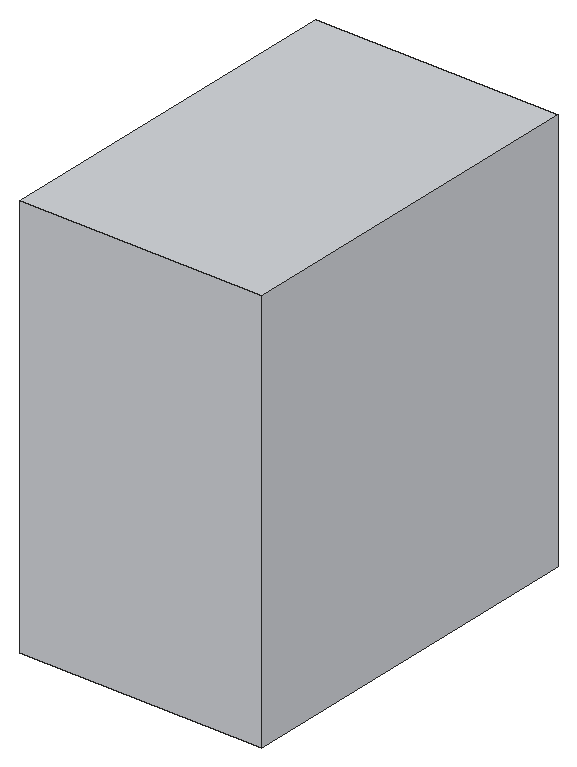
Revit family
Parameters
  Warranty Duration (Years) = 0
  Unit Width [instance] = 1' - 5 1/4"
  Unit Height [instance] = 4' - 8"
  Unit Depth = 0' - 0 1/4"
  URL = "http://www.americanspecialties.com/viewCategories.cfm"
  Trim Material = Metal - Stainless Steel
  Test Data = ""
  Specification = "http://www.arcat.com/sdspecs/htm/10810asi.htm"
  SpecWizard = ""
  Send Message = "http://www.arcat.com/users.pl?action=UserEmail&company=American%20Specialties,%20Inc.&coid=30448&rep=139&fax=914-476-0688&mf="
  Sales Information = "http://www.americanspecialties.com/contact"
  Revision = "R1_10-2010"
  Product Properties = "http://www.americanspecialties.com/datasheets/04692A-6.pdf"
  Product Data = "http://www.arcat.com/arcatcos/cos30/arc30448.html"
  Model = "As Specified in 10 28 13"
  Manufacturer Website = "http://www.americanspecialties.com/viewCategories.cfm"
  Manufacturer Phone - Toll Free = ""
  Manufacturer Phone = "914-476-9000 "
  Manufacturer Fax = "914-476-0688"
  Manufacturer Address = "441 Saw Mill River Rd., Yonkers, NY 10701"
  Manufacturer = "American Specialties, Inc."
  Maintenance Schedule (Months) = 0
  Keynote = "10 28 13"
  Installation-Fabrication = "http://www.americanspecialties.com/products.cfm"
  Green Building-LEED = ""
  Expected Lifespan (Years) = 0
  Drawn By = "Robert S. Weygant. CSI, CDT, SCIP"  # constant formula
  Description = "Toilet Accessory as Specified in 10 28 13"
  Default Elevation = 4' - 0"
  Copyright = "©Arcat Inc."
  Construction Details = "http://www.arcat.com/green/clients/leed_data_30448.html"
  Building Codes = "http://www.americanspecialties.com/products.cfm"
  Body Material = Metal - Stainless Steel
  Assembly Code = "C1030210"
Reference planes (in)
  plane 1 "Center (Front/Back)": y = -0.29112
  plane 2 "Floor Line": z = 0
  plane 3 "Center (Left/Right)": x = -0.65843
Forms (in)
  Extrusion 1, solid
    sketch origin (-3, -9, -6) x (0, 0, -1) y (1, 0, 0)
      loop
        line (-82, 26) -> (-82, -19.34712) -> (-6, -19.34712) -> (-6, 26) -> (-82, 26)
    from 28.29112 to -41.06337
  Extrusion 2, solid, material "Metal - Stainless Steel" <- "Body Material"
    sketch origin (0, 0, 6) x (1, 0, 0) y (0, 1, 0)
      loop
        line (-8.28343, 26.70888) -> (-8.28343, -27.29112) -> (6.96657, -27.29112) -> (6.96657, 26.70888) -> (-8.28343, 26.70888)
    from 0 to -10
  Extrusion 3, solid, material "Metal - Stainless Steel" <- "Body Material"
    sketch origin (0, 7, 6) x (1, 0, 0) y (0, 1, 0)
      loop
        line (-5.68968, 6.70888) -> (-5.68968, 4.20888) -> (4.37282, 4.20888) -> (4.37282, 6.70888) -> (-5.68968, 6.70888)
      loop
        line (-5.43968, 6.45888) -> (-5.43968, 4.70888) -> (4.12282, 4.70888) -> (4.12282, 6.45888) -> (-5.43968, 6.45888)
    from 0 to -10
  Extrusion 4, solid, material "Metal - Stainless Steel" <- "Body Material"
    sketch origin (0, 0, 6) x (1, 0, 0) y (0, 1, 0)
      loop
        line (-9.28343, 27.70888) -> (-9.28343, -28.29112) -> (7.96657, -28.29112) -> (7.96657, 27.70888) -> (-9.28343, 27.70888)
      loop
        line (-8.28343, 26.70888) -> (-8.28343, -27.29112) -> (6.96657, -27.29112) -> (6.96657, 26.70888) -> (-8.28343, 26.70888)
    from 0 to 0.25
  Extrusion 5, solid, material "Metal - Stainless Steel" <- "Body Material"
    sketch origin (0, 0, 6) x (1, 0, 0) y (0, 1, 0)
      loop
        line (-8.28343, 26.70888) -> (-8.28343, 13.70888) -> (6.96657, 13.70888) -> (6.96657, 26.70888) -> (-8.28343, 26.70888)
    from 0 to 0.25
  Extrusion 6, solid, material "Metal - Stainless Steel" <- "Body Material"
    sketch origin (0, 0, 6) x (1, 0, 0) y (0, 1, 0)
      loop
        line (6.96657, -4.29112) -> (-8.28343, -4.29112) -> (-8.28343, -27.29112) -> (6.96657, -27.29112) -> (6.96657, -4.29112)
    from -10 to 1.75
  Extrusion 7, void
    sketch origin (-0.65843, 0, 6) x (0, 1, 0) y (0, 0, 1)
      loop
        line (13.70888, -9.75) -> (13.70888, 1.75) -> (-4.29112, 1.75) -> (-4.29112, -9.75) -> (13.70888, -9.75)
    from -7.61046 to 7.59319
  Extrusion 8, solid, material "Metal - Stainless Steel" <- "Trim Material"
    sketch origin (0, 0.22512, 6) x (1, 0, 0) y (0, 1, 0)
      loop
        circle (-0.65843, -3.79339) r 0.5
      loop
        circle (-0.65843, -3.79339) r 0.37866
    from -9.75 to -10
  Extrusion 9, void
    sketch origin (-0.65843, 0, 0) x (0, 1, 0) y (0, 0, 1)
      loop
        line (-4.066, 7.70594) -> (-27.27764, 7.70594) -> (-27.27764, -3.98722) -> (-4.066, -3.98722) -> (-4.066, 7.70594)
    from -7.61046 to 7.57463
  Extrusion 10, solid, material "Metal - Stainless Steel" <- "Body Material"
    sketch origin (0, 0, 0) x (1, 0, 0) y (0, 1, 0)
      loop
        line (7.96657, -28.29112) -> (7.96657, 27.70888) -> (-9.28343, 27.70888) -> (-9.28343, -28.29112) -> (7.96657, -28.29112)
      loop
        line (-8.28343, 26.70888) -> (-8.28343, -27.29112) -> (6.96657, -27.29112) -> (6.96657, 26.70888) -> (-8.28343, 26.70888)
    from 0 to 6
  Extrusion 11, void
    sketch origin (0, 0, 0) x (1, 0, 0) y (0, 1, 0)
      loop
        line (-8.28343, 26.70888) -> (-8.28343, -27.29112) -> (6.96657, -27.29112) -> (6.96657, 26.70888) -> (-8.28343, 26.70888)
    from 0 to -4
  Extrusion 12, solid, material "Metal - Stainless Steel" <- "Trim Material"
    sketch origin (-1.31687, 0, 5.3125) x (-1, 0, 0) y (0, -1, 0)
      loop
        circle (5.37282, -20.33388) r 0.5
      loop
        line (5.316, -19.91524) -> (5.316, -20.76475) -> (5.42963, -20.76475) -> (5.42963, -19.91524) -> (5.316, -19.91524)
    from 0.9375 to 1
Cuts and joins
  Extrusion 7, Extrusion 9 cuts Extrusion 2
  Extrusion 9 cuts Extrusion 4
  Extrusion 7, Extrusion 9 cuts Extrusion 6
  Extrusion 7 cuts Extrusion 8
Dimensions and locks (in)
  aligned and locked: Extrusion 1 to level
  aligned and locked: Extrusion 4 to Extrusion 5
